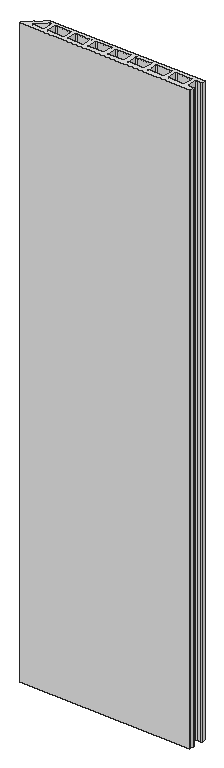
Revit family "ECP_MNY45ー6058", category 一般モデル, Revit 2022
Family settings
  鉄筋をホスト可能 = いいえ
  丸型コネクタ寸法 = 直径を使用
  パーツ タイプ = 標準
  作業面ベース = いいえ
  常に垂直 = はい
  ロード時にボイドで切り取り = はい
  注釈の向きを維持 = いいえ
  共有 = いいえ
  部屋計算ポイント = いいえ
Parameters (values of type "ECP_MNY45ー6058")
  長さ [instance] = 2000 mm
  穴表示 = yes
  材質 = 40Msr_ECP
  既定の高さ = 0 mm
  既存長さ = 590 mm
  幅 [instance] = 580 mm
  固定寸法 = 580 mm
  厚さ = 60 mm
  メースカット [instance] = 既存長さ - 幅 - 10 mm  # 0 mm
  3 メス側カット [instance] = yes
Reference planes
  plane 1 "中心(正面/背面)": y = 0
  plane 2: z = 0
  plane 3 "中心(左/右)": x = 0
  plane 4: y = -30
  plane 5: y = 30
  plane 6: z = 2000
  plane 7: x = 580
  plane 8: x = 580
Forms (mm)
  Extrusion 1, solid, material "40Msr_ECP" <- "材質", detail levels fine
    sketch origin (0, 0, 0) x (1, 0, 0) y (0, 1, 0)
      loop
        line (2, -30) -> (578, -30) -> (580, -28) -> (580, -19)
        arc (580, -19) -> (579.121, -16.879) -> (577, -16) r 3
        line (577, -16) -> (563, -16)
        arc (563, -16) -> (560.879, -15.121) -> (560, -13) r 3
        line (560, -13) -> (560, 13)
        arc (560, 13) -> (560.879, 15.121) -> (563, 16) r 3
        line (563, 16) -> (577, 16)
        arc (577, 16) -> (579.121, 16.879) -> (580, 19) r 3
        line (580, 19) -> (580, 28) -> (578, 30) -> (55, 30) -> (45, 20) -> (45, 17.171) -> (27.828, 0) -> (25, 0) -> (0, -25) -> (0, -28) -> (2, -30)
    from 0 to 2000
  Extrusion 2, void
    sketch origin (-50, 0, 0) x (1, 0, 0) y (0, 1, 0)
      loop
        line (630, -30) -> (640, -30) -> (640, 30) -> (630, 30) -> (630, -30)
    from 0 to 2000
  Extrusion 3, void
    sketch origin (-617, 0, 0) x (1, 0, 0) y (0, 1, 0)
      loop
        line (688, -14) -> (688, 14)
        arc (688, 14) -> (687.122, 16.121) -> (685, 17) r 3
        line (685, 17) -> (681.456, 17)
        arc (681.456, 17) -> (680.308, 16.772) -> (679.335, 16.121) r 3
        line (679.335, 16.121) -> (651.335, -11.879)
        arc (651.335, -11.879) -> (650.685, -15.148) -> (653.456, -17) r 3
        line (653.456, -17) -> (685, -17)
        arc (685, -17) -> (687.122, -16.121) -> (688, -14) r 3
      loop
        line (704, -17) -> (753, -17)
        arc (753, -17) -> (755.122, -16.121) -> (756, -14) r 3
        line (756, -14) -> (756, 14)
        arc (756, 14) -> (755.122, 16.121) -> (753, 17) r 3
        line (753, 17) -> (704, 17)
        arc (704, 17) -> (701.879, 16.121) -> (701, 14) r 3
        line (701, 14) -> (701, -14)
        arc (701, -14) -> (701.879, -16.121) -> (704, -17) r 3
      loop
        line (772, -17) -> (821, -17)
        arc (821, -17) -> (823.122, -16.121) -> (824, -14) r 3
        line (824, -14) -> (824, 14)
        arc (824, 14) -> (823.122, 16.121) -> (821, 17) r 3
        line (821, 17) -> (772, 17)
        arc (772, 17) -> (769.879, 16.121) -> (769, 14) r 3
        line (769, 14) -> (769, -14)
        arc (769, -14) -> (769.879, -16.121) -> (772, -17) r 3
      loop
        line (840, -17) -> (889, -17)
        arc (889, -17) -> (891.122, -16.121) -> (892, -14) r 3
        line (892, -14) -> (892, 14)
        arc (892, 14) -> (891.122, 16.121) -> (889, 17) r 3
        line (889, 17) -> (840, 17)
        arc (840, 17) -> (837.879, 16.121) -> (837, 14) r 3
        line (837, 14) -> (837, -14)
        arc (837, -14) -> (837.879, -16.121) -> (840, -17) r 3
      loop
        line (908, -17) -> (957, -17)
        arc (957, -17) -> (959.122, -16.121) -> (960, -14) r 3
        line (960, -14) -> (960, 14)
        arc (960, 14) -> (959.122, 16.121) -> (957, 17) r 3
        line (957, 17) -> (908, 17)
        arc (908, 17) -> (905.879, 16.121) -> (905, 14) r 3
        line (905, 14) -> (905, -14)
        arc (905, -14) -> (905.879, -16.121) -> (908, -17) r 3
      loop
        line (976, -17) -> (1025, -17)
        arc (1025, -17) -> (1027.122, -16.121) -> (1028, -14) r 3
        line (1028, -14) -> (1028, 14)
        arc (1028, 14) -> (1027.122, 16.121) -> (1025, 17) r 3
        line (1025, 17) -> (976, 17)
        arc (976, 17) -> (973.879, 16.121) -> (973, 14) r 3
        line (973, 14) -> (973, -14)
        arc (973, -14) -> (973.879, -16.121) -> (976, -17) r 3
      loop
        line (1044, -17) -> (1093, -17)
        arc (1093, -17) -> (1095.122, -16.121) -> (1096, -14) r 3
        line (1096, -14) -> (1096, 14)
        arc (1096, 14) -> (1095.122, 16.121) -> (1093, 17) r 3
        line (1093, 17) -> (1044, 17)
        arc (1044, 17) -> (1041.879, 16.121) -> (1041, 14) r 3
        line (1041, 14) -> (1041, -14)
        arc (1041, -14) -> (1041.879, -16.121) -> (1044, -17) r 3
      loop
        line (1112, -17) -> (1161, -17)
        arc (1161, -17) -> (1163.122, -16.121) -> (1164, -14) r 3
        line (1164, -14) -> (1164, 14)
        arc (1164, 14) -> (1163.122, 16.121) -> (1161, 17) r 3
        line (1161, 17) -> (1112, 17)
        arc (1112, 17) -> (1109.879, 16.121) -> (1109, 14) r 3
        line (1109, 14) -> (1109, -14)
        arc (1109, -14) -> (1109.879, -16.121) -> (1112, -17) r 3
    from 0 to 2000
Cuts and joins
  Extrusion 2, Extrusion 3 cuts Extrusion 1
Lines and regions (mm)
  symbolic lines, style "ECPパネル", detail levels coarse+medium
    curve 1: line (55, 30, 0) -> (580, 30, 0)
    curve 2: line (580, -30, 0) -> (2, -30, 0)
    curve 3: line (580, 30, 0) -> (580, -30, 0)
    curve 4: line (0, 0, 0) -> (580, 0, 0)
    curve 5: line (0, 0, 2000) -> (0, 0, 0)
    curve 6: line (580, 0, 2000) -> (0, 0, 2000)
    curve 7: line (580, 0, 0) -> (580, 0, 2000)
    curve 8: line (0, -30, 2000) -> (0, 30, 2000)
    curve 9: line (0, -30, 0) -> (0, -30, 2000)
    curve 10: line (0, 30, 0) -> (0, -30, 0)
    curve 11: line (0, 30, 2000) -> (0, 30, 0)
    curve 12: line (25, 0, 0) -> (27.828, 0, 0)
    curve 13: line (0, -25, 0) -> (0, -28, 0)
    curve 14: line (25, 0, 0) -> (0, -25, 0)
    curve 15: line (0, -28, 0) -> (2, -30, 0)
    curve 16: line (45, 20, 0) -> (45, 17.171, 0)
    curve 17: line (55, 30, 0) -> (45, 20, 0)
    curve 18: line (45, 17.171, 0) -> (27.828, 0, 0)
Dimensions and locks
  "厚さ": plane 4 to plane 5
  "長さ": plane 6 to level
  equal spacing: plane 4, plane 1 "中心(正面/背面)", plane 5
  "既存長さ": plane 3 "中心(左/右)" to Extrusion 2
  "長さ": cut or joined group of Extrusion 1, Extrusion 2, Extrusion 3 to level
  "長さ": Extrusion 2 to level
  "幅": cut or joined group of Extrusion 1, Extrusion 2, Extrusion 3 to curve 7
  "長さ": level to Extrusion 3
  "固定寸法": plane 3 "中心(左/右)" to cut or joined group of Extrusion 1, Extrusion 2, Extrusion 3
  "幅": plane 3 "中心(左/右)" to plane 8
  "メースカット": Extrusion 2 sketch curve to plane 7
  aligned and locked: level to plane 2
Automatic sketch dimensions
  curve 10 to level = 0 mm
  curve 10 to plane 4 = 0 mm
  curve 10 to plane 5 = 0 mm
  curve 9 to plane 6 = 0 mm
  curve 6 to plane 3 "中心(左/右)" = 0 mm
  curve 4 to level = 0 mm
  curve 6 to plane 6 = 0 mm
  plane 5 to Extrusion 1 sketch curve = 0 mm
  plane 1 "中心(正面/背面)" to Extrusion 1 sketch curve = 0 mm
  Extrusion 1 sketch curve to plane 7 = 0 mm  (x2)
  plane 3 "中心(左/右)" to Extrusion 1 sketch curve = 25 mm
  Extrusion 1 sketch curve to Extrusion 1 sketch curve = 2.828 mm  (x2)
  plane 5 to Extrusion 1 sketch curve = 10 mm
  Extrusion 1 sketch curve to plane 7 = 20 mm
  Extrusion 1 sketch curve to Extrusion 1 sketch curve = 3 mm  (x4)
  Extrusion 1 sketch curve to plane 7 = 3 mm
  Extrusion 1 sketch curve to plane 7 = 2 mm  (x2)
  Extrusion 1 sketch curve to plane 4 = 2 mm  (x2)
  Extrusion 1 sketch curve to Extrusion 1 sketch curve = 9 mm
  Extrusion 1 sketch curve to plane 1 "中心(正面/背面)" = 13 mm
  plane 5 to Extrusion 1 sketch curve = 2 mm
  plane 3 "中心(左/右)" to Extrusion 1 sketch curve = 2 mm
  Extrusion 1 sketch curve to Extrusion 1 sketch curve = 10 mm
  Extrusion 1 sketch curve to plane 3 "中心(左/右)" = 0 mm
  Extrusion 1 sketch curve to Extrusion 1 sketch curve = 17.172 mm
  plane 4 to Extrusion 1 sketch curve = 0 mm
  plane 1 "中心(正面/背面)" to Extrusion 3 sketch curve = 11.879 mm
  plane 3 "中心(左/右)" to Extrusion 3 sketch curve = 34.335 mm
  Extrusion 3 sketch curve to Extrusion 3 sketch curve = 2.121 mm  (x4)
  plane 5 to Extrusion 3 sketch curve = 13.879 mm
  Extrusion 3 sketch curve to Extrusion 3 sketch curve = 3 mm  (x23)
  Extrusion 3 sketch curve to plane 1 "中心(正面/背面)" = 14 mm  (x2)
  Extrusion 3 sketch curve to Extrusion 3 sketch curve = 49 mm  (x6)
  Extrusion 3 sketch curve to Extrusion 3 sketch curve = 0 mm  (x10)
  Extrusion 3 sketch curve to Extrusion 3 sketch curve = 13 mm  (x7)
  plane 5 to Extrusion 3 sketch curve = 13 mm  (x5)
  Extrusion 3 sketch curve to plane 4 = 13 mm  (x4)
  plane 1 "中心(正面/背面)" to Extrusion 3 sketch curve = 14 mm  (x3)
  Extrusion 3 sketch curve to plane 7 = 36 mm
  Extrusion 3 sketch curve to Extrusion 3 sketch curve = 5.121 mm
  Extrusion 3 sketch curve to Extrusion 3 sketch curve = 30.121 mm
  Extrusion 3 sketch curve to Extrusion 3 sketch curve = 3.544 mm
  plane 4 to Extrusion 2 sketch curve = 0 mm
  plane 5 to Extrusion 2 sketch curve = 0 mm
  plane 7 to Extrusion 2 sketch curve = 10 mm
  curve 13 to plane 3 "中心(左/右)" = 0 mm
  plane 4 to curve 2 = 0 mm
  plane 1 "中心(正面/背面)" to curve 12 = 0 mm
  plane 5 to curve 17 = 0 mm
  curve 2 to plane 8 = 0 mm
  plane 3 "中心(左/右)" to curve 2 = 2 mm
  plane 3 "中心(左/右)" to curve 12 = 25 mm
  curve 12 to curve 18 = 2.828 mm
  plane 5 to curve 18 = 12.828 mm
  curve 12 to curve 18 = 17.172 mm
  curve 16 to curve 17 = 10 mm
  curve 15 to plane 4 = 2 mm
  curve 13 to curve 13 = 3 mm
  curve 16 to curve 16 = 2.828 mm
